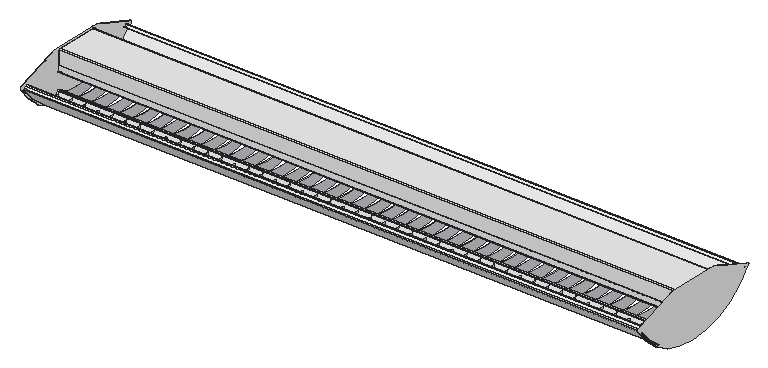
Revit family "LCBA46", category Lighting Fixtures, host Ceiling, Revit 2019 (continued)
Automatic sketch dimensions
  Extrusion 45 sketch curve to Extrusion 45 sketch curve = 0' - 0.11777"
  Extrusion 45 sketch curve to Extrusion 45 sketch curve = 0' - 0.06782"
  Extrusion 45 sketch curve to Extrusion 45 sketch curve = 0' - 0.11432"
  Extrusion 45 sketch curve to Extrusion 45 sketch curve = 0' - 0.1164"
  Extrusion 45 sketch curve to Extrusion 45 sketch curve = 0' - 0.04361"
  Extrusion 45 sketch curve to Extrusion 45 sketch curve = 0' - 0.05878"
  Extrusion 45 sketch curve to Extrusion 45 sketch curve = 0' - 0.03078"
  Extrusion 45 sketch curve to Extrusion 45 sketch curve = 0' - 0.03216"
  Extrusion 45 sketch curve to Extrusion 45 sketch curve = 0' - 0.05729"
  Extrusion 45 sketch curve to Extrusion 45 sketch curve = 0' - 0.04577"
  Extrusion 45 sketch curve to Extrusion 45 sketch curve = 0' - 0.06545"
  Extrusion 45 sketch curve to Extrusion 45 sketch curve = 0' - 0.04916"
  Extrusion 45 sketch curve to Extrusion 45 sketch curve = 0' - 0.11521"
  Extrusion 45 sketch curve to Extrusion 45 sketch curve = 0' - 0.11015"
  Extrusion 45 sketch curve to Extrusion 45 sketch curve = 0' - 0.0006"
  Extrusion 45 sketch curve to Extrusion 45 sketch curve = 0' - 0.05701"
  Extrusion 45 sketch curve to Extrusion 45 sketch curve = 0' - 0.04319"
  Extrusion 45 sketch curve to Extrusion 45 sketch curve = 0' - 0.02204"
  Extrusion 45 sketch curve to Extrusion 45 sketch curve = 0' - 0.02148"
  Extrusion 45 sketch curve to Extrusion 45 sketch curve = 0' - 0.08216"
  Extrusion 45 sketch curve to Extrusion 45 sketch curve = 0' - 0.08261"
  Extrusion 45 sketch curve to Extrusion 45 sketch curve = 0' - 1.81406"
  Extrusion 45 sketch curve to Extrusion 45 sketch curve = 0' - 0"
  Extrusion 45 sketch curve to Extrusion 45 sketch curve = 0' - 3.62674"
  Extrusion 45 sketch curve to Extrusion 45 sketch curve = 0' - 0.001"
  Extrusion 45 sketch curve to Extrusion 45 sketch curve = 0' - 0.13108"
  Extrusion 45 sketch curve to Extrusion 45 sketch curve = 0' - 0.13208"
  Extrusion 45 sketch curve to Extrusion 45 sketch curve = 0' - 0.00107"
  Extrusion 45 sketch curve to Extrusion 45 sketch curve = 0' - 0.00122"
  Extrusion 45 sketch curve to Extrusion 45 sketch curve = 0' - 0.06156"
  Extrusion 45 sketch curve to Extrusion 45 sketch curve = 0' - 0.0618"
  Extrusion 45 sketch curve to Extrusion 45 sketch curve = 0' - 0.29238"
  Extrusion 45 sketch curve to Extrusion 45 sketch curve = 0' - 0.29385"
  Extrusion 45 sketch curve to Extrusion 45 sketch curve = 0' - 0.0434"
  Extrusion 46 sketch curve to Extrusion 46 sketch curve = 0' - 0.05373"
  Extrusion 46 sketch curve to Extrusion 46 sketch curve = 0' - 0.00404"
  Extrusion 46 sketch curve to Extrusion 46 sketch curve = 0' - 0.11777"
  Extrusion 46 sketch curve to Extrusion 46 sketch curve = 0' - 0.06782"
  Extrusion 46 sketch curve to Extrusion 46 sketch curve = 0' - 0.11432"
  Extrusion 46 sketch curve to Extrusion 46 sketch curve = 0' - 0.1164"
  Extrusion 46 sketch curve to Extrusion 46 sketch curve = 0' - 0.04361"
  Extrusion 46 sketch curve to Extrusion 46 sketch curve = 0' - 0.05878"
  Extrusion 46 sketch curve to Extrusion 46 sketch curve = 0' - 0.03078"
  Extrusion 46 sketch curve to Extrusion 46 sketch curve = 0' - 0.03216"
  Extrusion 46 sketch curve to Extrusion 46 sketch curve = 0' - 0.05729"
  Extrusion 46 sketch curve to Extrusion 46 sketch curve = 0' - 0.04577"
  Extrusion 46 sketch curve to Extrusion 46 sketch curve = 0' - 0.06545"
  Extrusion 46 sketch curve to Extrusion 46 sketch curve = 0' - 0.04916"
  Extrusion 46 sketch curve to Extrusion 46 sketch curve = 0' - 0.11521"
  Extrusion 46 sketch curve to Extrusion 46 sketch curve = 0' - 0.11015"
  Extrusion 46 sketch curve to Extrusion 46 sketch curve = 0' - 0.0006"
  Extrusion 46 sketch curve to Extrusion 46 sketch curve = 0' - 0.05701"
  Extrusion 46 sketch curve to Extrusion 46 sketch curve = 0' - 0.04319"
  Extrusion 46 sketch curve to Extrusion 46 sketch curve = 0' - 0.02204"
  Extrusion 46 sketch curve to Extrusion 46 sketch curve = 0' - 0.02148"
  Extrusion 46 sketch curve to Extrusion 46 sketch curve = 0' - 0.08216"
  Extrusion 46 sketch curve to Extrusion 46 sketch curve = 0' - 0.08261"
  Extrusion 46 sketch curve to Extrusion 46 sketch curve = 0' - 1.81406"
  Extrusion 46 sketch curve to Extrusion 46 sketch curve = 0' - 0"
  Extrusion 46 sketch curve to Extrusion 46 sketch curve = 0' - 3.62674"
  Extrusion 46 sketch curve to Extrusion 46 sketch curve = 0' - 0.001"
  Extrusion 46 sketch curve to Extrusion 46 sketch curve = 0' - 0.13108"
  Extrusion 46 sketch curve to Extrusion 46 sketch curve = 0' - 0.13208"
  Extrusion 46 sketch curve to Extrusion 46 sketch curve = 0' - 0.00107"
  Extrusion 46 sketch curve to Extrusion 46 sketch curve = 0' - 0.00122"
  Extrusion 46 sketch curve to Extrusion 46 sketch curve = 0' - 0.06156"
  Extrusion 46 sketch curve to Extrusion 46 sketch curve = 0' - 0.0618"
  Extrusion 46 sketch curve to Extrusion 46 sketch curve = 0' - 0.29238"
  Extrusion 46 sketch curve to Extrusion 46 sketch curve = 0' - 0.29385"
  Extrusion 46 sketch curve to Extrusion 46 sketch curve = 0' - 0.0434"
  Extrusion 47 sketch curve to Extrusion 47 sketch curve = 0' - 0.05373"
  Extrusion 47 sketch curve to Extrusion 47 sketch curve = 0' - 0.00404"
  Extrusion 47 sketch curve to Extrusion 47 sketch curve = 0' - 0.11777"
  Extrusion 47 sketch curve to Extrusion 47 sketch curve = 0' - 0.06782"
  Extrusion 47 sketch curve to Extrusion 47 sketch curve = 0' - 0.11432"
  Extrusion 47 sketch curve to Extrusion 47 sketch curve = 0' - 0.1164"
  Extrusion 47 sketch curve to Extrusion 47 sketch curve = 0' - 0.04361"
  Extrusion 47 sketch curve to Extrusion 47 sketch curve = 0' - 0.05878"
  Extrusion 47 sketch curve to Extrusion 47 sketch curve = 0' - 0.03078"
  Extrusion 47 sketch curve to Extrusion 47 sketch curve = 0' - 0.03216"
  Extrusion 47 sketch curve to Extrusion 47 sketch curve = 0' - 0.05729"
  Extrusion 47 sketch curve to Extrusion 47 sketch curve = 0' - 0.04577"
  Extrusion 47 sketch curve to Extrusion 47 sketch curve = 0' - 0.06545"
  Extrusion 47 sketch curve to Extrusion 47 sketch curve = 0' - 0.04916"
  Extrusion 47 sketch curve to Extrusion 47 sketch curve = 0' - 0.11521"
  Extrusion 47 sketch curve to Extrusion 47 sketch curve = 0' - 0.11015"
  Extrusion 47 sketch curve to Extrusion 47 sketch curve = 0' - 0.0006"
  Extrusion 47 sketch curve to Extrusion 47 sketch curve = 0' - 0.05701"
  Extrusion 47 sketch curve to Extrusion 47 sketch curve = 0' - 0.04319"
  Extrusion 47 sketch curve to Extrusion 47 sketch curve = 0' - 0.02204"
  Extrusion 47 sketch curve to Extrusion 47 sketch curve = 0' - 0.02148"
  Extrusion 47 sketch curve to Extrusion 47 sketch curve = 0' - 0.08216"
  Extrusion 47 sketch curve to Extrusion 47 sketch curve = 0' - 0.08261"
  Extrusion 47 sketch curve to Extrusion 47 sketch curve = 0' - 1.81406"
  Extrusion 47 sketch curve to Extrusion 47 sketch curve = 0' - 0"
  Extrusion 47 sketch curve to Extrusion 47 sketch curve = 0' - 3.62674"
  Extrusion 47 sketch curve to Extrusion 47 sketch curve = 0' - 0.001"
  Extrusion 47 sketch curve to Extrusion 47 sketch curve = 0' - 0.13108"
  Extrusion 47 sketch curve to Extrusion 47 sketch curve = 0' - 0.13208"
  Extrusion 47 sketch curve to Extrusion 47 sketch curve = 0' - 0.00107"
  Extrusion 47 sketch curve to Extrusion 47 sketch curve = 0' - 0.00122"
  Extrusion 47 sketch curve to Extrusion 47 sketch curve = 0' - 0.06156"
  Extrusion 47 sketch curve to Extrusion 47 sketch curve = 0' - 0.0618"
  Extrusion 47 sketch curve to Extrusion 47 sketch curve = 0' - 0.29238"
  Extrusion 47 sketch curve to Extrusion 47 sketch curve = 0' - 0.29385"
  Extrusion 47 sketch curve to Extrusion 47 sketch curve = 0' - 0.0434"
  Extrusion 48 sketch curve to Extrusion 48 sketch curve = 0' - 0.05373"
  Extrusion 48 sketch curve to Extrusion 48 sketch curve = 0' - 0.00404"
  Extrusion 48 sketch curve to Extrusion 48 sketch curve = 0' - 0.11777"
  Extrusion 48 sketch curve to Extrusion 48 sketch curve = 0' - 0.06782"
  Extrusion 48 sketch curve to Extrusion 48 sketch curve = 0' - 0.11432"
  Extrusion 48 sketch curve to Extrusion 48 sketch curve = 0' - 0.1164"
  Extrusion 48 sketch curve to Extrusion 48 sketch curve = 0' - 0.04361"
  Extrusion 48 sketch curve to Extrusion 48 sketch curve = 0' - 0.05878"
  Extrusion 48 sketch curve to Extrusion 48 sketch curve = 0' - 0.03078"
  Extrusion 48 sketch curve to Extrusion 48 sketch curve = 0' - 0.03216"
  Extrusion 48 sketch curve to Extrusion 48 sketch curve = 0' - 0.05729"
  Extrusion 48 sketch curve to Extrusion 48 sketch curve = 0' - 0.04577"
  Extrusion 48 sketch curve to Extrusion 48 sketch curve = 0' - 0.06545"
  Extrusion 48 sketch curve to Extrusion 48 sketch curve = 0' - 0.04916"
  Extrusion 48 sketch curve to Extrusion 48 sketch curve = 0' - 0.11521"
  Extrusion 48 sketch curve to Extrusion 48 sketch curve = 0' - 0.11015"
  Extrusion 48 sketch curve to Extrusion 48 sketch curve = 0' - 0.0006"
  Extrusion 48 sketch curve to Extrusion 48 sketch curve = 0' - 0.05701"
  Extrusion 48 sketch curve to Extrusion 48 sketch curve = 0' - 0.04319"
  Extrusion 48 sketch curve to Extrusion 48 sketch curve = 0' - 0.02204"
  Extrusion 48 sketch curve to Extrusion 48 sketch curve = 0' - 0.02148"
  Extrusion 48 sketch curve to Extrusion 48 sketch curve = 0' - 0.08216"
  Extrusion 48 sketch curve to Extrusion 48 sketch curve = 0' - 0.08261"
  Extrusion 48 sketch curve to Extrusion 48 sketch curve = 0' - 1.81406"
  Extrusion 48 sketch curve to Extrusion 48 sketch curve = 0' - 0"
  Extrusion 48 sketch curve to Extrusion 48 sketch curve = 0' - 3.62674"
  Extrusion 48 sketch curve to Extrusion 48 sketch curve = 0' - 0.001"
  Extrusion 48 sketch curve to Extrusion 48 sketch curve = 0' - 0.13108"
  Extrusion 48 sketch curve to Extrusion 48 sketch curve = 0' - 0.13208"
  Extrusion 48 sketch curve to Extrusion 48 sketch curve = 0' - 0.00107"
  Extrusion 48 sketch curve to Extrusion 48 sketch curve = 0' - 0.00122"
  Extrusion 48 sketch curve to Extrusion 48 sketch curve = 0' - 0.06156"
  Extrusion 48 sketch curve to Extrusion 48 sketch curve = 0' - 0.0618"
  Extrusion 48 sketch curve to Extrusion 48 sketch curve = 0' - 0.29238"
  Extrusion 48 sketch curve to Extrusion 48 sketch curve = 0' - 0.29385"
  Extrusion 48 sketch curve to Extrusion 48 sketch curve = 0' - 0.0434"
  Extrusion 49 sketch curve to Extrusion 49 sketch curve = 0' - 0.05373"
  Extrusion 49 sketch curve to Extrusion 49 sketch curve = 0' - 0.00404"
  Extrusion 49 sketch curve to Extrusion 49 sketch curve = 0' - 0.11777"
  Extrusion 49 sketch curve to Extrusion 49 sketch curve = 0' - 0.06782"
  Extrusion 49 sketch curve to Extrusion 49 sketch curve = 0' - 0.11432"
  Extrusion 49 sketch curve to Extrusion 49 sketch curve = 0' - 0.1164"
  Extrusion 49 sketch curve to Extrusion 49 sketch curve = 0' - 0.04361"
  Extrusion 49 sketch curve to Extrusion 49 sketch curve = 0' - 0.05878"
  Extrusion 49 sketch curve to Extrusion 49 sketch curve = 0' - 0.03078"
  Extrusion 49 sketch curve to Extrusion 49 sketch curve = 0' - 0.03216"
  Extrusion 49 sketch curve to Extrusion 49 sketch curve = 0' - 0.05729"
  Extrusion 49 sketch curve to Extrusion 49 sketch curve = 0' - 0.04577"
  Extrusion 49 sketch curve to Extrusion 49 sketch curve = 0' - 0.06545"
  Extrusion 49 sketch curve to Extrusion 49 sketch curve = 0' - 0.04916"
  Extrusion 49 sketch curve to Extrusion 49 sketch curve = 0' - 0.11521"
  Extrusion 49 sketch curve to Extrusion 49 sketch curve = 0' - 0.11015"
  Extrusion 49 sketch curve to Extrusion 49 sketch curve = 0' - 0.0006"
  Extrusion 49 sketch curve to Extrusion 49 sketch curve = 0' - 0.05701"
  Extrusion 49 sketch curve to Extrusion 49 sketch curve = 0' - 0.04319"
  Extrusion 49 sketch curve to Extrusion 49 sketch curve = 0' - 0.02204"
  Extrusion 49 sketch curve to Extrusion 49 sketch curve = 0' - 0.02148"
  Extrusion 49 sketch curve to Extrusion 49 sketch curve = 0' - 0.08216"
  Extrusion 49 sketch curve to Extrusion 49 sketch curve = 0' - 0.08261"
  Extrusion 49 sketch curve to Extrusion 49 sketch curve = 0' - 1.81406"
  Extrusion 49 sketch curve to Extrusion 49 sketch curve = 0' - 0"
  Extrusion 49 sketch curve to Extrusion 49 sketch curve = 0' - 3.62674"
  Extrusion 49 sketch curve to Extrusion 49 sketch curve = 0' - 0.001"
  Extrusion 49 sketch curve to Extrusion 49 sketch curve = 0' - 0.13108"
  Extrusion 49 sketch curve to Extrusion 49 sketch curve = 0' - 0.13208"
  Extrusion 49 sketch curve to Extrusion 49 sketch curve = 0' - 0.00107"
  Extrusion 49 sketch curve to Extrusion 49 sketch curve = 0' - 0.00122"
  Extrusion 49 sketch curve to Extrusion 49 sketch curve = 0' - 0.06156"
  Extrusion 49 sketch curve to Extrusion 49 sketch curve = 0' - 0.0618"
  Extrusion 49 sketch curve to Extrusion 49 sketch curve = 0' - 0.29238"
  Extrusion 49 sketch curve to Extrusion 49 sketch curve = 0' - 0.29385"
  Extrusion 49 sketch curve to Extrusion 49 sketch curve = 0' - 0.0434"
  Extrusion 50 sketch curve to Extrusion 50 sketch curve = 0' - 0.05373"
  Extrusion 50 sketch curve to Extrusion 50 sketch curve = 0' - 0.00404"
  Extrusion 50 sketch curve to Extrusion 50 sketch curve = 0' - 0.11777"
  Extrusion 50 sketch curve to Extrusion 50 sketch curve = 0' - 0.06782"
  Extrusion 50 sketch curve to Extrusion 50 sketch curve = 0' - 0.11432"
  Extrusion 50 sketch curve to Extrusion 50 sketch curve = 0' - 0.1164"
  Extrusion 50 sketch curve to Extrusion 50 sketch curve = 0' - 0.04361"
  Extrusion 50 sketch curve to Extrusion 50 sketch curve = 0' - 0.05878"
  Extrusion 50 sketch curve to Extrusion 50 sketch curve = 0' - 0.03078"
  Extrusion 50 sketch curve to Extrusion 50 sketch curve = 0' - 0.03216"
  Extrusion 50 sketch curve to Extrusion 50 sketch curve = 0' - 0.05729"
  Extrusion 50 sketch curve to Extrusion 50 sketch curve = 0' - 0.04577"
  Extrusion 50 sketch curve to Extrusion 50 sketch curve = 0' - 0.06545"
  Extrusion 50 sketch curve to Extrusion 50 sketch curve = 0' - 0.04916"
  Extrusion 50 sketch curve to Extrusion 50 sketch curve = 0' - 0.11521"
  Extrusion 50 sketch curve to Extrusion 50 sketch curve = 0' - 0.11015"
  Extrusion 50 sketch curve to Extrusion 50 sketch curve = 0' - 0.0006"
  Extrusion 50 sketch curve to Extrusion 50 sketch curve = 0' - 0.05701"
  Extrusion 50 sketch curve to Extrusion 50 sketch curve = 0' - 0.04319"
  Extrusion 50 sketch curve to Extrusion 50 sketch curve = 0' - 0.02204"
  Extrusion 50 sketch curve to Extrusion 50 sketch curve = 0' - 0.02148"
  Extrusion 50 sketch curve to Extrusion 50 sketch curve = 0' - 0.08216"
  Extrusion 50 sketch curve to Extrusion 50 sketch curve = 0' - 0.08261"
  Extrusion 50 sketch curve to Extrusion 50 sketch curve = 0' - 1.81406"
  Extrusion 50 sketch curve to Extrusion 50 sketch curve = 0' - 0"
  Extrusion 50 sketch curve to Extrusion 50 sketch curve = 0' - 3.62674"
  Extrusion 50 sketch curve to Extrusion 50 sketch curve = 0' - 0.001"
  Extrusion 50 sketch curve to Extrusion 50 sketch curve = 0' - 0.13108"
  Extrusion 50 sketch curve to Extrusion 50 sketch curve = 0' - 0.13208"
  Extrusion 50 sketch curve to Extrusion 50 sketch curve = 0' - 0.00107"
  Extrusion 50 sketch curve to Extrusion 50 sketch curve = 0' - 0.00122"
  Extrusion 50 sketch curve to Extrusion 50 sketch curve = 0' - 0.06156"
  Extrusion 50 sketch curve to Extrusion 50 sketch curve = 0' - 0.0618"
  Extrusion 50 sketch curve to Extrusion 50 sketch curve = 0' - 0.29238"
  Extrusion 50 sketch curve to Extrusion 50 sketch curve = 0' - 0.29385"
  Extrusion 50 sketch curve to Extrusion 50 sketch curve = 0' - 0.0434"
  Extrusion 51 sketch curve to Extrusion 51 sketch curve = 0' - 0.05373"
  Extrusion 51 sketch curve to Extrusion 51 sketch curve = 0' - 0.00404"
  Extrusion 51 sketch curve to Extrusion 51 sketch curve = 0' - 0.11777"
  Extrusion 51 sketch curve to Extrusion 51 sketch curve = 0' - 0.06782"
  Extrusion 51 sketch curve to Extrusion 51 sketch curve = 0' - 0.11432"
  Extrusion 51 sketch curve to Extrusion 51 sketch curve = 0' - 0.1164"
  Extrusion 51 sketch curve to Extrusion 51 sketch curve = 0' - 0.04361"
  Extrusion 51 sketch curve to Extrusion 51 sketch curve = 0' - 0.05878"
  Extrusion 51 sketch curve to Extrusion 51 sketch curve = 0' - 0.03078"
  Extrusion 51 sketch curve to Extrusion 51 sketch curve = 0' - 0.03216"
  Extrusion 51 sketch curve to Extrusion 51 sketch curve = 0' - 0.05729"
  Extrusion 51 sketch curve to Extrusion 51 sketch curve = 0' - 0.04577"
  Extrusion 51 sketch curve to Extrusion 51 sketch curve = 0' - 0.06545"
  Extrusion 51 sketch curve to Extrusion 51 sketch curve = 0' - 0.04916"
  Extrusion 51 sketch curve to Extrusion 51 sketch curve = 0' - 0.11521"
  Extrusion 51 sketch curve to Extrusion 51 sketch curve = 0' - 0.11015"
  Extrusion 51 sketch curve to Extrusion 51 sketch curve = 0' - 0.0006"
  Extrusion 51 sketch curve to Extrusion 51 sketch curve = 0' - 0.05701"
  Extrusion 51 sketch curve to Extrusion 51 sketch curve = 0' - 0.04319"
  Extrusion 51 sketch curve to Extrusion 51 sketch curve = 0' - 0.02204"
  Extrusion 51 sketch curve to Extrusion 51 sketch curve = 0' - 0.02148"
  Extrusion 51 sketch curve to Extrusion 51 sketch curve = 0' - 0.08216"
  Extrusion 51 sketch curve to Extrusion 51 sketch curve = 0' - 0.08261"
  Extrusion 51 sketch curve to Extrusion 51 sketch curve = 0' - 1.81406"
  Extrusion 51 sketch curve to Extrusion 51 sketch curve = 0' - 0"
  Extrusion 51 sketch curve to Extrusion 51 sketch curve = 0' - 3.62674"
  Extrusion 51 sketch curve to Extrusion 51 sketch curve = 0' - 0.001"
  Extrusion 51 sketch curve to Extrusion 51 sketch curve = 0' - 0.13108"
  Extrusion 51 sketch curve to Extrusion 51 sketch curve = 0' - 0.13208"
  Extrusion 51 sketch curve to Extrusion 51 sketch curve = 0' - 0.00107"
  Extrusion 51 sketch curve to Extrusion 51 sketch curve = 0' - 0.00122"
  Extrusion 51 sketch curve to Extrusion 51 sketch curve = 0' - 0.06156"
  Extrusion 51 sketch curve to Extrusion 51 sketch curve = 0' - 0.0618"
  Extrusion 51 sketch curve to Extrusion 51 sketch curve = 0' - 0.29238"
  Extrusion 51 sketch curve to Extrusion 51 sketch curve = 0' - 0.29385"
  Extrusion 51 sketch curve to Extrusion 51 sketch curve = 0' - 0.0434"
  Extrusion 52 sketch curve to Extrusion 52 sketch curve = 0' - 0.05373"
  Extrusion 52 sketch curve to Extrusion 52 sketch curve = 0' - 0.00404"
  Extrusion 52 sketch curve to Extrusion 52 sketch curve = 0' - 0.11777"
  Extrusion 52 sketch curve to Extrusion 52 sketch curve = 0' - 0.06782"
  Extrusion 52 sketch curve to Extrusion 52 sketch curve = 0' - 0.11432"
  Extrusion 52 sketch curve to Extrusion 52 sketch curve = 0' - 0.1164"
  Extrusion 52 sketch curve to Extrusion 52 sketch curve = 0' - 0.04361"
  Extrusion 52 sketch curve to Extrusion 52 sketch curve = 0' - 0.05878"
  Extrusion 52 sketch curve to Extrusion 52 sketch curve = 0' - 0.03078"
  Extrusion 52 sketch curve to Extrusion 52 sketch curve = 0' - 0.03216"
  Extrusion 52 sketch curve to Extrusion 52 sketch curve = 0' - 0.05729"
  Extrusion 52 sketch curve to Extrusion 52 sketch curve = 0' - 0.04577"
  Extrusion 52 sketch curve to Extrusion 52 sketch curve = 0' - 0.06545"
  Extrusion 52 sketch curve to Extrusion 52 sketch curve = 0' - 0.04916"
  Extrusion 52 sketch curve to Extrusion 52 sketch curve = 0' - 0.11521"
  Extrusion 52 sketch curve to Extrusion 52 sketch curve = 0' - 0.11015"
  Extrusion 52 sketch curve to Extrusion 52 sketch curve = 0' - 0.0006"
  Extrusion 52 sketch curve to Extrusion 52 sketch curve = 0' - 0.05701"
  Extrusion 52 sketch curve to Extrusion 52 sketch curve = 0' - 0.04319"
  Extrusion 52 sketch curve to Extrusion 52 sketch curve = 0' - 0.02204"
  Extrusion 52 sketch curve to Extrusion 52 sketch curve = 0' - 0.02148"
  Extrusion 52 sketch curve to Extrusion 52 sketch curve = 0' - 0.08216"
  Extrusion 52 sketch curve to Extrusion 52 sketch curve = 0' - 0.08261"
  Extrusion 52 sketch curve to Extrusion 52 sketch curve = 0' - 1.81406"
  Extrusion 52 sketch curve to Extrusion 52 sketch curve = 0' - 0"
  Extrusion 52 sketch curve to Extrusion 52 sketch curve = 0' - 3.62674"
  Extrusion 52 sketch curve to Extrusion 52 sketch curve = 0' - 0.001"
  Extrusion 52 sketch curve to Extrusion 52 sketch curve = 0' - 0.13108"
  Extrusion 52 sketch curve to Extrusion 52 sketch curve = 0' - 0.13208"
  Extrusion 52 sketch curve to Extrusion 52 sketch curve = 0' - 0.00107"
  Extrusion 52 sketch curve to Extrusion 52 sketch curve = 0' - 0.00122"
  Extrusion 52 sketch curve to Extrusion 52 sketch curve = 0' - 0.06156"
  Extrusion 52 sketch curve to Extrusion 52 sketch curve = 0' - 0.0618"
  Extrusion 52 sketch curve to Extrusion 52 sketch curve = 0' - 0.29238"
  Extrusion 52 sketch curve to Extrusion 52 sketch curve = 0' - 0.29385"
  Extrusion 52 sketch curve to Extrusion 52 sketch curve = 0' - 0.0434"
  Extrusion 53 sketch curve to Extrusion 53 sketch curve = 0' - 0.05373"
  Extrusion 53 sketch curve to Extrusion 53 sketch curve = 0' - 0.00404"
  Extrusion 53 sketch curve to Extrusion 53 sketch curve = 0' - 0.11777"
  Extrusion 53 sketch curve to Extrusion 53 sketch curve = 0' - 0.06782"
  Extrusion 53 sketch curve to Extrusion 53 sketch curve = 0' - 0.11432"
  Extrusion 53 sketch curve to Extrusion 53 sketch curve = 0' - 0.1164"
  Extrusion 53 sketch curve to Extrusion 53 sketch curve = 0' - 0.04361"
  Extrusion 53 sketch curve to Extrusion 53 sketch curve = 0' - 0.05878"
  Extrusion 53 sketch curve to Extrusion 53 sketch curve = 0' - 0.03078"
  Extrusion 53 sketch curve to Extrusion 53 sketch curve = 0' - 0.03216"
  Extrusion 53 sketch curve to Extrusion 53 sketch curve = 0' - 0.05729"
  Extrusion 53 sketch curve to Extrusion 53 sketch curve = 0' - 0.04577"
  Extrusion 53 sketch curve to Extrusion 53 sketch curve = 0' - 0.06545"
  Extrusion 53 sketch curve to Extrusion 53 sketch curve = 0' - 0.04916"
  Extrusion 53 sketch curve to Extrusion 53 sketch curve = 0' - 0.11521"
  Extrusion 53 sketch curve to Extrusion 53 sketch curve = 0' - 0.11015"
  Extrusion 53 sketch curve to Extrusion 53 sketch curve = 0' - 0.0006"
  Extrusion 53 sketch curve to Extrusion 53 sketch curve = 0' - 0.05701"
  Extrusion 53 sketch curve to Extrusion 53 sketch curve = 0' - 0.04319"
  Extrusion 53 sketch curve to Extrusion 53 sketch curve = 0' - 0.02204"
  Extrusion 53 sketch curve to Extrusion 53 sketch curve = 0' - 0.02148"
  Extrusion 53 sketch curve to Extrusion 53 sketch curve = 0' - 0.08216"
  Extrusion 53 sketch curve to Extrusion 53 sketch curve = 0' - 0.08261"
  Extrusion 53 sketch curve to Extrusion 53 sketch curve = 0' - 1.81406"
  Extrusion 53 sketch curve to Extrusion 53 sketch curve = 0' - 0"
  Extrusion 53 sketch curve to Extrusion 53 sketch curve = 0' - 3.62674"
  Extrusion 53 sketch curve to Extrusion 53 sketch curve = 0' - 0.001"
  Extrusion 53 sketch curve to Extrusion 53 sketch curve = 0' - 0.13108"
  Extrusion 53 sketch curve to Extrusion 53 sketch curve = 0' - 0.13208"
  Extrusion 53 sketch curve to Extrusion 53 sketch curve = 0' - 0.00107"
  Extrusion 53 sketch curve to Extrusion 53 sketch curve = 0' - 0.00122"
  Extrusion 53 sketch curve to Extrusion 53 sketch curve = 0' - 0.06156"
  Extrusion 53 sketch curve to Extrusion 53 sketch curve = 0' - 0.0618"
  Extrusion 53 sketch curve to Extrusion 53 sketch curve = 0' - 0.29238"
  Extrusion 53 sketch curve to Extrusion 53 sketch curve = 0' - 0.29385"
  Extrusion 53 sketch curve to Extrusion 53 sketch curve = 0' - 0.0434"
  Extrusion 54 sketch curve to Extrusion 54 sketch curve = 0' - 0.05373"
  Extrusion 54 sketch curve to Extrusion 54 sketch curve = 0' - 0.00404"
  Extrusion 54 sketch curve to Extrusion 54 sketch curve = 0' - 0.11777"
  Extrusion 54 sketch curve to Extrusion 54 sketch curve = 0' - 0.06782"
  Extrusion 54 sketch curve to Extrusion 54 sketch curve = 0' - 0.11432"
  Extrusion 54 sketch curve to Extrusion 54 sketch curve = 0' - 0.1164"
  Extrusion 54 sketch curve to Extrusion 54 sketch curve = 0' - 0.04361"
  Extrusion 54 sketch curve to Extrusion 54 sketch curve = 0' - 0.05878"
  Extrusion 54 sketch curve to Extrusion 54 sketch curve = 0' - 0.03078"
  Extrusion 54 sketch curve to Extrusion 54 sketch curve = 0' - 0.03216"
  Extrusion 54 sketch curve to Extrusion 54 sketch curve = 0' - 0.05729"
  Extrusion 54 sketch curve to Extrusion 54 sketch curve = 0' - 0.04577"
  Extrusion 54 sketch curve to Extrusion 54 sketch curve = 0' - 0.06545"
  Extrusion 54 sketch curve to Extrusion 54 sketch curve = 0' - 0.04916"
  Extrusion 54 sketch curve to Extrusion 54 sketch curve = 0' - 0.11521"
  Extrusion 54 sketch curve to Extrusion 54 sketch curve = 0' - 0.11015"
  Extrusion 54 sketch curve to Extrusion 54 sketch curve = 0' - 0.0006"
  Extrusion 54 sketch curve to Extrusion 54 sketch curve = 0' - 0.05701"
  Extrusion 54 sketch curve to Extrusion 54 sketch curve = 0' - 0.04319"
  Extrusion 54 sketch curve to Extrusion 54 sketch curve = 0' - 0.02204"
  Extrusion 54 sketch curve to Extrusion 54 sketch curve = 0' - 0.02148"
  Extrusion 54 sketch curve to Extrusion 54 sketch curve = 0' - 0.08216"
  Extrusion 54 sketch curve to Extrusion 54 sketch curve = 0' - 0.08261"
  Extrusion 54 sketch curve to Extrusion 54 sketch curve = 0' - 1.81406"
  Extrusion 54 sketch curve to Extrusion 54 sketch curve = 0' - 0"
  Extrusion 54 sketch curve to Extrusion 54 sketch curve = 0' - 3.62674"
  Extrusion 54 sketch curve to Extrusion 54 sketch curve = 0' - 0.001"
  Extrusion 54 sketch curve to Extrusion 54 sketch curve = 0' - 0.13108"
  Extrusion 54 sketch curve to Extrusion 54 sketch curve = 0' - 0.13208"
  Extrusion 54 sketch curve to Extrusion 54 sketch curve = 0' - 0.00107"
  Extrusion 54 sketch curve to Extrusion 54 sketch curve = 0' - 0.00122"
  Extrusion 54 sketch curve to Extrusion 54 sketch curve = 0' - 0.06156"
  Extrusion 54 sketch curve to Extrusion 54 sketch curve = 0' - 0.0618"
  Extrusion 54 sketch curve to Extrusion 54 sketch curve = 0' - 0.29238"
  Extrusion 54 sketch curve to Extrusion 54 sketch curve = 0' - 0.29385"
  Extrusion 54 sketch curve to Extrusion 54 sketch curve = 0' - 0.0434"
Connectors (in)
  electrical at (0, 0, 71.875), driven by "Voltage", driven by "Lamp Wattage"
    settings: index 1, voltage 120 V, apparent load 0 VA, apparent load phase1 32 VA, apparent load phase2 0 VA, apparent load phase3 0 VA, power factor 1, load classification "Other", number of poles 1, system type 31, power factor state 1, is connector primary yes, connector utility no, sub classification motor no, connector description ""
